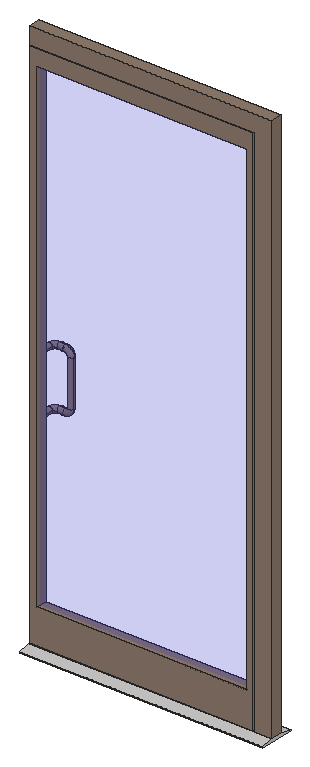
Revit family
Parameters (values of type "As Specified in the Contract Documents")
  ofst2 [instance] = abs(Offset from Exterior Wall Face - (Thickness / 2))  # 0' - 2"
  Top Rail [instance] = 0' - 2 3/4"
  Top RO Spacing = 0' - 0 1/4"
  Top Mechanism Height [instance] = if(Power Operation, 0' 7 1/2", 0' 3.13")  # 0' - 3.13"
  Threshold Width [instance] = 0' - 6"
  Threshold Material [instance] = Stainless Steel w Polished Finish - Ellison
  Thickness = 0' - 2"  # constant formula
  Stile Size [instance] = 0' - 1.13"
  SpecWizard = "http://www.arcat.com/specwizard/08480ell/index.htm?coid=32253&mf="
  Revision = "R1_10-2010"
  Right RO Spacing = 0' - 0.13"
  Warranty Duration (Years) = 0
  U_Factor [instance] = 0
  URL = "http://www.ellisonbronze.com/"
  Test Data = "http://www.ellisonbronze.com/newspecs/index.html"
  Specification = "http://www.arcat.com/sdspecs/htm/08480ell.htm"
  Send Message = "http://www.arcat.com/users.pl?action=UserEmail&company=Ellison%20Bronze,%20Inc.&coid=32253&rep=106&fax=716-665-5552&mf="
  Sales Information = "http://www.ellisonbronze.com/contact.html"
  SHGC [instance] = 0
  Rough Width = Width + Right RO Spacing + Left RO Spacing  # 3' - 6.29"
  Rough Height = Height + Right RO Spacing  # 8' - 1.13"
  R_Value [instance] = 0
  Product Properties = ""
  Product Data = "http://www.arcat.com/arcatcos/cos32/arc32253.html"
  Power Operation [instance] = no
  Panel Material = Bronze Satin Finish w Clear Coat Finish - Ellison
  Operation = "As Specified in 08 42 36"
  Muntin Width [instance] = 0' - 0 1/4"
  Model = "As Specified in 08 42 36"
  Minor Door Swing Y Start = Width * 0.507  # 1' - 7.71216"
  Minor Door Swing X Start = Width * 0.6157  # 1' - 11.93842"
  Minor Door Swing Radius = Width * 0.5367  # 1' - 8.8669"
  Manufacturer Website = "http://www.ellisonbronze.com/"
  Manufacturer Phone - Toll Free = "800-665-6445 "
  Manufacturer Phone = "716-665-6522 "
  Manufacturer Fax = "716-665-5552"
  Manufacturer Address = "125 W. Main St., Falconer, NY 14733"
  Manufacturer = "Ellison Bronze, Inc."
  Maintenance Schedule (Months) = 0
  Left RO Spacing = 0' - 3.28"
  Keynote = "08 42 36"
  Installation-Fabrication = "http://www.ellisonbronze.com/instmain.html"
  Installation Phase = "Exterior Enclosure"
  Height = 8' - 1"
  Has Muntins [instance] = no
  Has Miiddle Rail [instance] = no
  Hardware Finish [instance] = Cast Bronze, Polished, With Lacquer - Ellison
  Half Stile Size [instance] = Stile Size * 0.5  # 0' - 0.565"
  Green Building-LEED = "http://www.arcat.com/green/clients/leed_data_32253.html"
  Glass Thickness = if(Height < 10' 0.01", 0' 0 1/2", 0' 0 3/4")  # 0' - 0 1/2"
  Frame Material = Bronze Satin Finish w Clear Coat Finish - Ellison
  Fire Rating = "As Specified in 08 42 36"
  F588_Forced-Entry = "As Specified in 08 42 36"
  Expected Lifespan (Years) = 0
  E547_Water-Resistance = "As Specified in 08 42 36"
  E330_Structural-Test-Pressure = "As Specified in 08 42 36"
  E283_Air-Infiltration = "As Specified in 08 42 36"
  Drawn By = "Robert S. Weygant. CSI, CDT, SCIP"
  Door Glazing = Glass
  Description = "Bronze Narrow Stile Balanced Door"
  Wall Closure = (empty or 0)
  Width = 3' - 2.88"
  Copyright = "2010 ARCAT, Inc."
  Construction Details = "http://www.ellisonbronze.com/newspecs/index.html"
  Offset from Exterior Wall Face [instance] = -0' - 1"
  Bottom Rail [instance] = 0' - 6"
  Assembly Code = "B2020100"
  AAMA Conformance = "As Specified in 08 42 36"
Reference planes (in)
  plane 1 "Center (Front/Back)": y = 0.3125
  plane 2 "Center (Left/Right)": x = -0.64125
  plane 3 "Left": x = -21.72125
  plane 4 "Right": x = 17.15875
  plane 5 "Center": z = 47.27875
  plane 6 "Exterior": y = 2.3125
  plane 7 "Interior": y = -3.6875
  plane 8 "FrameRight": x = 20.43875
  plane 9 "FrameLeft": x = -21.85125
  plane 10 "FrameUpper": z = 97
  plane 11 "Top": z = 97.25
  plane 12: z = 93.87
  plane 13: z = 0.6875
Forms (in)
  Extrusion 1, solid, material "Bronze Satin Finish w Clear Coat Finish - Ellison" <- "Panel Material"
    sketch origin (0, 0.3125, 0) x (1, 0, 0) y (0, 0, 1)
      loop
        line (17.15875, 93.87) -> (-21.72125, 93.87) -> (-21.72125, 0.6875) -> (17.15875, 0.6875) -> (17.15875, 93.87)
      loop
        line (16.02875, 91.12) -> (-20.59125, 91.12) -> (-20.59125, 6.6875) -> (16.02875, 6.6875) -> (16.02875, 91.12)
    from -1 to 1
  Extrusion 2, solid, material "Glass" <- "Door Glazing"
    sketch origin (0, 0.3125, 0) x (1, 0, 0) y (0, 0, 1)
      loop
        line (17.15875, 93.87) -> (-21.72125, 93.87) -> (-21.72125, 0.6875) -> (17.15875, 0.6875) -> (17.15875, 93.87)
    from -0.25 to 0.25
  Extrusion 3, solid, material "Bronze Satin Finish w Clear Coat Finish - Ellison" <- "Frame Material"
    sketch origin (0, 0.3125, 3.125) x (1, 0, 0) y (0, 0, 1)
      loop
        line (20.43875, 93.875) -> (-21.85125, 93.875) -> (-21.85125, 90.87) -> (17.40875, 90.87) -> (17.40875, -2.625) -> (20.43875, -2.625) -> (20.43875, 93.875)
    from -1 to 1
  Extrusion 4, solid, material "Bronze Satin Finish w Clear Coat Finish - Ellison" <- "Panel Material", visible <- "Has Muntins"
    sketch origin (0, 0.3125, 0) x (1, 0, 0) y (0, 0, 1)
      loop
        line (-0.51625, 91.12) -> (-0.76625, 91.12) -> (-0.76625, 47.40375) -> (-20.59125, 47.40375) -> (-20.59125, 47.15375) -> (-0.76625, 47.15375) -> (-0.76625, 6.6875) -> (-0.51625, 6.6875) -> (-0.51625, 47.15375) -> (16.02875, 47.15375) -> (16.02875, 47.40375) -> (-0.51625, 47.40375) -> (-0.51625, 91.12)
    from -1 to 1
  Extrusion 5, solid, material "Stainless Steel w Polished Finish - Ellison" <- "Threshold Material"
    sketch origin (-0.64125, 0, 0) x (0, 1, 0) y (0, 0, 1)
      loop
        line (3.3125, 0) -> (3.3125, 0.19) -> (1.33515, 0.5) -> (-0.71015, 0.5) -> (-2.6875, 0.19) -> (-2.6875, 0) -> (3.3125, 0)
    from -21.21 to 21.08
  Extrusion 6, solid, material "Bronze Satin Finish w Clear Coat Finish - Ellison" <- "Panel Material", visible <- "Has Miiddle Rail"
    sketch origin (0, 0.3125, -3.71625) x (1, 0, 0) y (0, 0, 1)
      loop
        line (16.02875, 47.40375) -> (-20.59125, 47.40375) -> (-20.59125, 41.40375) -> (16.02875, 41.40375) -> (16.02875, 47.40375)
    from -1 to 1
Lines and regions (in)
  Opening 1
    outline origin (-95.7153, -3.6875, 0) x (1, 0, 0) y (0, 0, 1)
      loop
        line (73.86405, 97.25) -> (73.86405, 0) -> (116.15405, 0) -> (116.15405, 97.25) -> (73.86405, 97.25)
  symbolic lines, style "Elevation Swing"
    curve 1: line (-21.72125, 0, 93.87) -> (17.15875, 0, 47.27875)
    curve 2: line (-21.72125, 0, 0.6875) -> (17.15875, 0, 47.27875)
  symbolic lines, style "DoorsPanelProjection"
    curve 3: line (16.13107, -11.9375, 0) -> (14.13107, -11.9375, 0)
    curve 4: line (16.13107, -11.9375, 0) -> (16.13107, 26.9425, 0)
    curve 5: line (16.13107, 26.9425, 0) -> (14.13107, 26.9425, 0)
    curve 6: line (14.13107, -11.9375, 0) -> (14.13107, 26.9425, 0)
    curve 7: arc (-21.71923, 1.3125, 0) -> (-17.65467, 12.77509, 0) -> (-7.88967, 20.02466, 0) r 20.8669
  symbolic lines, style "Plan Swing"
    curve 8: arc (-7.88967, 20.02466, 0) -> (2.90967, 24.15534, 0) -> (14.13107, 26.9425, 0) r 94.93214
  symbolic lines, style "DoorsFrameMullionProjection"
    curve 9: line (20.43875, 1.3125, 0) -> (17.40875, 1.3125, 0)
    curve 10: line (20.43875, -0.6875, 0) -> (20.43875, 1.3125, 0)
    curve 11: line (17.40875, -0.6875, 0) -> (20.43875, -0.6875, 0)
    curve 12: line (17.40875, 1.3125, 0) -> (17.40875, -0.6875, 0)
  reference lines
    curve 13: line (16.02875, 0.3125, 6.6875) -> (16.02875, 0.3125, 111.6875)
    curve 14: line (-20.59125, 0.3125, 6.6875) -> (-20.59125, 0.3125, 111.6875)
    curve 15: line (4.04875, 0.3125, 91.12) -> (40.40875, 0.3125, 91.12)
    curve 16: line (4.04875, 0.3125, 6.6875) -> (45.40875, 0.3125, 6.6875)
Text (in)
  text "EXTERIOR" at (-79.42766, 23.47596, 0), in view "Ref. Level"
  text "INTERIOR" at (-79.42766, -17.27685, 0), in view "Ref. Level"
  text "Exterior" at (0, 47.2975, 123.29936), in view "Left"
  text "Exterior" at (0, 19.21628, 132.11189), in view "Right"
Dimensions and locks (in)
  host wall to plane 6 "Exterior" = 0' - 0"
  host wall to plane 7 "Interior" = 0' - 0"
  "Width": plane 3 "Left" to plane 4 "Right"
  equal spacing: plane 3 "Left", plane 2 "Center (Left/Right)", plane 8 "FrameRight"
  "Right RO Spacing": plane 9 "FrameLeft" to plane 3 "Left"
  "Left RO Spacing": plane 4 "Right" to plane 8 "FrameRight"
  "ofst2": plane 1 "Center (Front/Back)" to host wall
  locked: plane 13 to level at 0.6875
  equal spacing: plane 13, plane 5 "Center", plane 12
  "Thickness": Extrusion 1 to Extrusion 1
  "Width": curve 5 to curve 3
  "Glass Thickness": Extrusion 2 to Extrusion 2
  equal spacing: Extrusion 2, plane 1 "Center (Front/Back)", Extrusion 2
  equal spacing: Extrusion 1, plane 1 "Center (Front/Back)", Extrusion 1
  locked: curve 3 to plane 1 "Center (Front/Back)" at 12.25
  "Minor Door Swing Y Start": plane 1 "Center (Front/Back)" to curve 8
  "Muntin Width": Extrusion 4 sketch curve to Extrusion 4 sketch curve  (x2)
  equal spacing: Extrusion 4 sketch curve, plane 5 "Center", Extrusion 4 sketch curve
  equal spacing: Extrusion 4 sketch curve, plane 2 "Center (Left/Right)", Extrusion 4 sketch curve
  "Top Mechanism Height": plane 12 to plane 10 "FrameUpper"
  "Height": level to plane 10 "FrameUpper"
  "Top RO Spacing": plane 10 "FrameUpper" to plane 11 "Top"
  locked: curve 6 to plane 8 "FrameRight" at 6.30768
  "Thickness": curve 6 to curve 4
  "Stile Size": curve 13 to plane 4 "Right"
  "Stile Size": plane 3 "Left" to curve 14
  "Top Rail": curve 15 to plane 12
  "Bottom Rail": plane 13 to curve 16
  "Half Stile Size": plane 3 "Left" to nested 1
  equal spacing: Extrusion 5 sketch curve, plane 1 "Center (Front/Back)", Extrusion 5 sketch curve
  locked: Extrusion 5 sketch curve to level at 0.5
  Extrusion 5 sketch curve to plane 1 "Center (Front/Back)" to Extrusion 5 sketch curve = 0' - 1.02265" locked, 0' - 1.02265" locked
  "Threshold Width": Extrusion 5 to Extrusion 5
  level to Extrusion 6 sketch curve to Extrusion 6 sketch curve = 3' - 1 11/16" locked, 0' - 6" locked
  "Minor Door Swing Radius": radius of curve 7
  aligned and locked: Opening 1 sketch curve to plane 8 "FrameRight"
  aligned and locked: plane 9 "FrameLeft" to Opening 1 sketch curve
  aligned and locked: Opening 1 sketch curve to plane 11 "Top"
  aligned and locked: level to Opening 1 sketch curve
  aligned and locked: plane 4 "Right" to curve 2
  aligned and locked: plane 5 "Center" to curve 2
  aligned and locked: Extrusion 1 to curve 7
  aligned and locked: host wall to plane 7 "Interior"
  aligned and locked: plane 6 "Exterior" to host wall
  aligned and locked: curve 5 to curve 8
  aligned and locked: Extrusion 4 sketch curve to Extrusion 4 sketch curve  (x4)
  aligned and locked: Extrusion 3 to curve 9
  aligned and locked: curve 9 to Extrusion 3
  aligned and locked: curve 12 to Extrusion 3  (x2)
  aligned and locked: Extrusion 1 sketch curve to curve 13
  aligned and locked: Extrusion 1 sketch curve to curve 14
  aligned and locked: Extrusion 1 sketch curve to curve 16
  aligned and locked: Extrusion 1 sketch curve to curve 15
  aligned and locked: curve 13 to Extrusion 4 sketch curve
  aligned and locked: Extrusion 4 sketch curve to curve 14
  aligned and locked: curve 15 to Extrusion 4 sketch curve
  aligned and locked: Extrusion 4 sketch curve to curve 16
  aligned and locked: Extrusion 5 to plane 8 "FrameRight"
  aligned and locked: Extrusion 5 to plane 9 "FrameLeft"
  aligned and locked: Extrusion 6 sketch curve to curve 14
  aligned and locked: curve 13 to Extrusion 6 sketch curve
  aligned and locked: Extrusion 1 to Extrusion 4  (x2)
  aligned and locked: Extrusion 1 to Extrusion 6  (x2)
  aligned and locked: Extrusion 3 to Extrusion 1  (x2)
Automatic sketch dimensions
  curve 1 to plane 3 "Left" = 0' - 0"
  curve 1 to plane 12 = 0' - 0"
  curve 2 to plane 3 "Left" = 0' - 0"
  curve 2 to plane 13 = 0' - 0"
  curve 7 to plane 1 "Center (Front/Back)" = 0' - 0.06016"
  curve 7 to plane 2 "Center (Left/Right)" = 0' - 0.23226"
  curve 8 to plane 8 "FrameRight" = 0' - 10.92301"
  Extrusion 1 sketch curve to plane 3 "Left" = 0' - 0"
  Extrusion 1 sketch curve to plane 4 "Right" = 0' - 0"
  Extrusion 1 sketch curve to plane 13 = 0' - 0"
  Extrusion 1 sketch curve to plane 12 = 0' - 0"
  Extrusion 3 sketch curve to plane 9 "FrameLeft" = 0' - 0"
  Extrusion 3 sketch curve to plane 8 "FrameRight" = 0' - 0"
  Extrusion 3 sketch curve to plane 10 "FrameUpper" = 0' - 0"
  Extrusion 3 sketch curve to plane 4 "Right" = 0' - 0 1/4"
  plane 12 to Extrusion 3 sketch curve = 0' - 0 1/8"
  Extrusion 3 sketch curve to plane 13 = 0' - 0 3/16"
  plane 2 "Center (Left/Right)" to curve 15 = 0' - 4.69"
  plane 2 "Center (Left/Right)" to curve 16 = 0' - 4.69"
  curve 15 to plane 8 "FrameRight" = 1' - 7.97"
  curve 16 to plane 8 "FrameRight" = 2' - 0.97"
  plane 13 to curve 14 = 0' - 6"
  plane 11 "Top" to curve 14 = 1' - 2 7/16"
  plane 11 "Top" to curve 13 = 1' - 2 7/16"
  Extrusion 5 sketch curve to level = 0' - 0"
  host wall to Extrusion 5 sketch curve = 0' - 2"
  level to Extrusion 5 sketch curve = 0' - 0.19"  (x2)
  Extrusion 2 sketch curve to plane 3 "Left" = 0' - 0"
  Extrusion 2 sketch curve to plane 4 "Right" = 0' - 0"
  Extrusion 2 sketch curve to plane 13 = 0' - 0"
  Extrusion 2 sketch curve to plane 12 = 0' - 0"
Nested families (in)
  nested 1: "Handle_Offset_Ellison" at (-21.15625, 1.3125, 40.68751) x (1, 0, 0) z (0, 1, 0), type "Handle_Offset_Ellison"
Definition of nested family "Handle_Offset_Ellison"
  Parameters
    Material = none
    Default Elevation = 4' - 0"
  Reference planes (in)
    plane 1 "Center (Front/Back)": y = 0
    plane 2: z = 0
    plane 3 "Center (Left/Right)": x = 0
  Forms (in)
    Sweep 1, solid, material <- "Material"
      path origin (0, 0, 0) x (1, 0, 0) y (0, 1, 0)
        loop
          line (1, -4.99999) -> (2, -4.99999)
          arc (2, -4.99999) -> (2.70635, -4.70785) -> (3, -4.00213) r 1
          line (3, -4.00213) -> (3, 3.99999)
          arc (3, 3.99999) -> (2.7071, 4.70709) -> (2, 4.99999) r 1
          line (2, 4.99999) -> (1, 4.99999)
      profile "PR-Circle : PR-Circle" origin (1.5, 4.99999, 0) x (0, -1, 0) y (0, 0, 1)
        loop
          circle (0, 2.5) r 0.5
    Sweep 2, solid, material <- "Material"
      path origin (2.99999, -7.49999, -2.49999) x (-1, 0, 0) y (0, 0, 1)
        loop
          arc (2, 4.99999) -> (2.70635, 4.70785) -> (3, 4.00213) r 1
          line (3, 4.00213) -> (3, 2.49999)
      profile "PR-Circle : PR-Circle" origin (0.29365, -7.49999, 2.20787) x (-0.706347, 0, 0.707865) y (0, 1, 0)
        loop
          circle (0, 2.5) r 0.5
    Sweep 3, solid, material <- "Material"
      path origin (2.99999, 7.49999, -2.49999) x (-1, 0, 0) y (0, 0, -1)
        loop
          arc (2, -4.99999) -> (2.70635, -4.70785) -> (3, -4.00213) r 1
          line (3, -4.00213) -> (3, -2.49999)
      profile "PR-Circle : PR-Circle" origin (0.29365, 7.49999, 2.20787) x (0.706347, 0, -0.707865) y (0, -1, 0)
        loop
          circle (0, 2.5) r 0.5
  Cuts and joins
    joined: Sweep 1, Sweep 2, Sweep 3
